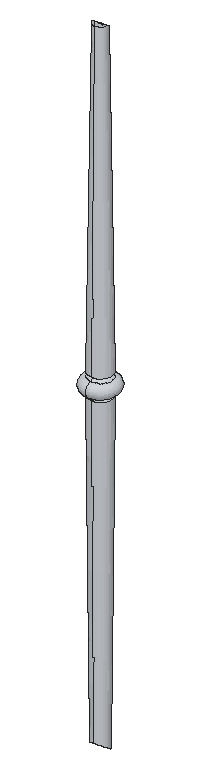
Revit family "M_Baluster - Custom1", category 난간동자, Revit 2026
Family settings
  항상 수직 = 예
  로드될 때 보이드를 사용하여 절단 = 아니오
  공유 = 아니오
Parameters (values of type "25mm")
  built-in parameter 1008623 [instance] = 32.47°
  built-in parameter 1008625 [instance] = (empty or 0)
  Post = no
  built-in parameter 1008624 [instance] = 32.47°
  Baluster Material = none
  built-in parameter 1008622 [instance] = 762 mm
Reference planes
  plane 1 "Center F/B": y = 0
  plane 2: z = 0
  plane 3 "Center L/R": x = 0
  plane 4 "Top": z = 762
  plane 5 "Top Angle Cut": through (0, 345.134, 542.379) normal (0, -0.5369, -0.8437)
  plane 6: z = 990.6
  plane 7: z = 381
  plane 8: z = 393.7
  plane 9: z = 368.3
  plane 10 "Bottom Angle Cut": through (0, 0, 0) normal (0, -0.5369, -0.8437)
  plane 11: z = -228.6
  plane 12: y = 50.8
  plane 13: y = -50.8
  plane 14: x = 50.8
  plane 15: x = -50.8
Forms (mm)
  Revolve 1, solid, material <- "Baluster Material"
    sketch origin (0, 0, 0) x (0, 1, 0) y (0, 0, 1)
      loop
        line (0, -228.6) -> (7.144, -228.6) -> (13.046, 368.399) -> (6.564, 368.3) -> (13.36, 373.058)
        arc (13.36, 373.058) -> (21.301, 381) -> (13.36, 388.942) r 7.942
        line (13.36, 388.942) -> (6.457, 393.775) -> (13.043, 393.775) -> (7.422, 762) -> (7.422, 990.6) -> (0, 990.6) -> (0, -228.6)
      axis (0, -228.6) -> (0, 990.6)
    angle from 0 to 360
  Extrusion 2, void
    sketch origin (0, 0, 0) x (0, 1, 0) y (0, 0, 1)
      loop
        line (-50.8, -228.6) -> (50.8, -228.6) -> (50.8, -32.326) -> (-50.8, 32.326) -> (-50.8, -228.6)
      loop
        line (50.8, 990.6) -> (-50.8, 990.6) -> (-50.8, 794.326) -> (50.8, 729.674) -> (50.8, 990.6)
    from -50.8 to 50.8
Cuts and joins
  Extrusion 2 cuts Revolve 1
Dimensions and locks
  "built-in parameter 1008622": plane 2 to plane 4 "Top"
  plane 4 "Top" to plane 6 = 228.6 mm
  equal spacing: plane 2, plane 7, plane 4 "Top"
  plane 9 to plane 7 to plane 8 = 12.7 mm, 12.7 mm
  locked: level to plane 11 at 228.6
  locked: plane 15 to plane 3 "Center L/R" at 50.8
  locked: plane 3 "Center L/R" to plane 14 at 50.8
  locked: plane 1 "Center F/B" to plane 12 at 50.8
  locked: plane 13 to plane 1 "Center F/B" at 50.8
  "built-in parameter 1008623": angle plane 4 "Top" to plane 5 "Top Angle Cut"
  "built-in parameter 1008624": angle level to plane 10 "Bottom Angle Cut"
  aligned and locked: Revolve 1 sketch curve to plane 11
  aligned and locked: Extrusion 2 sketch curve to plane 11
  aligned and locked: Extrusion 2 sketch curve to plane 12  (x2)
  aligned and locked: plane 13 to Extrusion 2 sketch curve  (x2)
  aligned and locked: Extrusion 2 sketch curve to plane 10 "Bottom Angle Cut"
  aligned and locked: Extrusion 2 to plane 14
  aligned and locked: Extrusion 2 to plane 15
  aligned and locked: Extrusion 2 sketch curve to plane 6
  aligned and locked: plane 5 "Top Angle Cut" to Extrusion 2 sketch curve
Automatic sketch dimensions
  Revolve 1 sketch curve to plane 1 "Center F/B" = 0 mm  (x2)
  Revolve 1 sketch curve to plane 9 = 0 mm
  Revolve 1 sketch curve to plane 6 = 0 mm
  Revolve 1 sketch curve to plane 4 "Top" = 0 mm
  Revolve 1 sketch curve to plane 7 = 0 mm
  Revolve 1 sketch curve to plane 8 = 0.075 mm
  Revolve 1 sketch curve to plane 9 = 0.099 mm
  Revolve 1 sketch curve to Revolve 1 sketch curve = 4.659 mm
  Revolve 1 sketch curve to Revolve 1 sketch curve = 101.6 mm
  Revolve 1 sketch curve to Revolve 1 sketch curve = 152.4 mm
  Revolve 1 sketch curve to plane 1 "Center F/B" = 6.457 mm
  Revolve 1 sketch curve to plane 1 "Center F/B" = 6.564 mm
  Revolve 1 sketch curve to Revolve 1 sketch curve = 7.144 mm
  Revolve 1 sketch curve to Revolve 1 sketch curve = 7.422 mm
  Revolve 1 sketch curve to Revolve 1 sketch curve = 6.587 mm
  Revolve 1 sketch curve to Revolve 1 sketch curve = 6.482 mm
  Revolve 1 sketch curve to Revolve 1 sketch curve = 0.314 mm
